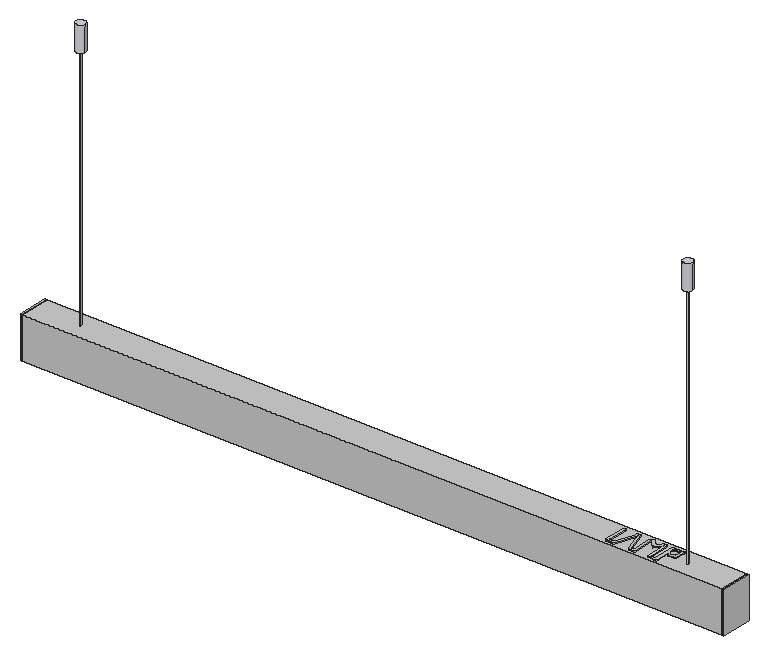
Revit family "LAMP_FIL 50 G2 OPAL SUSPENDED", category Luminarias, Revit 2015
Parameters (values of type "1137MM 3000LM 3000K GREY")
  Ángulo de inclinación = 90.00°
  Weight = 2.114 kg
  Type = "MID POWER TRIDONIC"
  Suspension distance [instance] = if(Suspension > 4000.00 mm, 4000.00 mm, Suspension)  # 400.00 mm
  Protection rating = "IP42, IK07"
  Product datasheet = "https://www.lamp.es/product-files/TECH/F52SF120MOOP830NG-EN.pdf"
  Product code = "F52SF120MOOP830NG"
  Product URL = "https://www.lamp.es/en/family/fil-50_33388"
  Power Supply = "220-240V 50-60Hz"
  Power = 19 W
  Plum = 21.3 W
  NO COVER 2 [instance] = not(END COVER 2)  # no
  NO COVER 1 [instance] = not(END COVER 1)  # no
  Modelo = Product code  # "F52SF120MOOP830NG"
  Model explanation = "Availability of switching between accessories through visibility parameters when placed in a project.\r\nAvailability of switching between accessories through visibility parameters when placed in a project."
  Material codo = LAMP_Aluminio Perfil Fil GR
  Manufacturer name = "LAMP"
  Manufacturer country = "Spain"
  Manufacturer URL = "http://www.lamp.es/en"
  MacAdam = "3"
  Luminaire type = "Indoor - Modular Systems"
  Last update = "07/07/2020"
  LED Lifetime = "50000 L80 B10"
  Insulation class = "I"
  Installation instructions = "https://www.lamp.es/product-files/INS/1003600-G-INSTR.%20ESTRUCTURA%20FIL%2050.pdf"
  IEE = "A++"
  Gear = "Electronic"
  Finish = "Gloss grey"
  Fabricante = Manufacturer name  # "LAMP"
  Efficacy = 89.2 lm/W
  END COVER 2 [instance] = yes
  END COVER 1 [instance] = yes
  Dimensions = "1137x50x67mm"
  Descripción = "FIL 50 G2 OPAL SUS 3000 WW GR."
  Wattage = 21.3 W
  UniClass 2.0 Descripción = ""
  UniClass 2.0 Code = Product code  # "F52SF120MOOP830NG"
  UniClass 1.4 Descripción = ""
  UniClass 1.4 Code = Product code  # "F52SF120MOOP830NG"
  built-in parameter 1150110 = 1 (stored number, unit not read)
  Omniclass Descripción = ""
  OmniClass Code = ""
  Material Difusor = LAMP_PC Difusor Opal Fil
  Material Perfil = LAMP_Aluminio Perfil Fil GR
  Lámpara = "MID-POWER LED"
  Largo = 1137.00 mm
  IFC Clasificación = "Light Fixture"
  built-in parameter 1114217 = 1 (stored number, unit not read)
  built-in parameter 1150109 = 1 (stored number, unit not read)
  Suspension [instance] = 400.00 mm
  Comentarios de tipo = Model explanation  # "Availability of switching between accessories through visibility parameters when placed in a project.\r\nAvailability of switching between accessories through visibility parameters when placed in a project."
  built-in parameter 1150134 = (empty or 0)
  built-in parameter 1150113 = 1 (stored number, unit not read)
  Lumens = 1899.96 lm
  built-in parameter 1150115 = 1 (stored number, unit not read)
  built-in parameter 1150105 = 721.98 (stored number, unit not read)
  built-in parameter 1150137 = (empty or 0)
  built-in parameter 1150139 = (empty or 0)
  built-in parameter 1150112 = 1 (stored number, unit not read)
  built-in parameter 1150114 = 1 (stored number, unit not read)
  built-in parameter 1150132 = 2
  built-in parameter 1150102 = (empty or 0)
  built-in parameter 1150138 = (empty or 0)
  built-in parameter 1150107 = 3000 (stored number, unit not read)
  built-in parameter 1150106 = 7.2198 (stored number, unit not read)
  Emit from Line Length = Largo  # 1137.00 mm
  built-in parameter 1150104 = 8.287 (stored number, unit not read)
  Dimming Lamp Color Temperature Shift = (empty or 0)
  Color Filter = 16777215
  built-in parameter 1114218 = 1 (stored number, unit not read)
  CRI = "80"
  CORNER 2 RIGHT [instance] = and(NO COVER 2, ACC CORNER 2, not(CORNER 2 LEFT))  # no
  CORNER 2 LEFT [instance] = and(NO COVER 2, ACC CORNER 2, CHANGE SIDE CORNER 2)  # no
  CORNER 1 RIGHT [instance] = and(NO COVER 1, ACC CORNER 1, not(CORNER 1 LEFT))  # no
  CORNER 1 LEFT [instance] = and(NO COVER 1, ACC CORNER 1, CHANGE SIDE CORNER 1)  # no
  CHANGE SIDE CORNER 1 [instance] = no
  CHANGE SIDE CORNER 2 [instance] = no
  Archivo de red fotométrica = "14741403.IES"
  ACC CORNER 1 [instance] = no
  ACC CORNER 2 [instance] = no
  built-in parameter 1150133 = 10 (stored number, unit not read)
Types (16, lengths in mm): name | Weight | Product datasheet | Product code | Power | Plum | Modelo | Model explanation | Material codo | Last update | LED Lifetime | Finish | Efficacy | Dimensions | Descripción | Wattage | UniClass 2.0 Code | UniClass 1.4 Code | Material Perfil | Largo | Comentarios de tipo | built-in parameter 1150134 | Lumens | built-in parameter 1150105 | built-in parameter 1150107 | built-in parameter 1150106 | Emit from Line Length | built-in parameter 1150104 | Archivo de red fotométrica
  1137MM 3000LM 3000K WHITE | 2.114 kg | "https://www.lamp.es/product-files/TECH/F52SF120MOOP830NW-EN.pdf" | "F52SF120MOOP830NW" | 19 W | 21.3 W | "F52SF120MOOP830NW" | "Availability of switching between accessories through visibility parameters when placed in a project." | LAMP_Aluminio Perfil Fil BL | "07/07/2020" | "50000 L80 B10" | "Matt white" | 89.2 lm/W | "1137x50x67mm" | "FIL 50 G2 OPAL SUS 3000 WW WH." | 21.3 W | "F52SF120MOOP830NW" | "F52SF120MOOP830NW" | LAMP_Aluminio Perfil Fil BL | 1137.00 | "Availability of switching between accessories through visibility parameters when placed in a project." | (empty or 0) | 1899.96 lm | 721.98 (stored number, unit not read) | 3000 (stored number, unit not read) | 7.2198 (stored number, unit not read) | 1137.00 | 8.287 (stored number, unit not read) | "14741400.IES"
  1137MM 3000LM 3000K GREY | 2.114 kg | "https://www.lamp.es/product-files/TECH/F52SF120MOOP830NG-EN.pdf" | "F52SF120MOOP830NG" | 19 W | 21.3 W | "F52SF120MOOP830NG" | "Availability of switching between accessories through visibility parameters when placed in a project.\r\nAvailability of switching between accessories through visibility parameters when placed in a project." | LAMP_Aluminio Perfil Fil GR | "07/07/2020" | "50000 L80 B10" | "Gloss grey" | 89.2 lm/W | "1137x50x67mm" | "FIL 50 G2 OPAL SUS 3000 WW GR." | 21.3 W | "F52SF120MOOP830NG" | "F52SF120MOOP830NG" | LAMP_Aluminio Perfil Fil GR | 1137.00 | "Availability of switching between accessories through visibility parameters when placed in a project.\r\nAvailability of switching between accessories through visibility parameters when placed in a project." | (empty or 0) | 1899.96 lm | 721.98 (stored number, unit not read) | 3000 (stored number, unit not read) | 7.2198 (stored number, unit not read) | 1137.00 | 8.287 (stored number, unit not read) | "14741403.IES"
  1137MM 3000LM 4000K WHITE | 2.114 kg | "https://www.lamp.es/product-files/TECH/F52SF120MOOP840NW-EN.pdf" | "F52SF120MOOP840NW" | 19 W | 21.3 W | "F52SF120MOOP840NW" | "Availability of switching between accessories through visibility parameters when placed in a project." | LAMP_Aluminio Perfil Fil BL | "07/07/2020" | "50000 L80 B10" | "Matt white" | 94.1 lm/W | "1137x50x67mm" | "FIL 50 G2 OPAL SUS 3000 NW WH." | 21.3 W | "F52SF120MOOP840NW" | "F52SF120MOOP840NW" | LAMP_Aluminio Perfil Fil BL | 1137.00 | "Availability of switching between accessories through visibility parameters when placed in a project." | 12 | 2004.33 lm | 761.71 (stored number, unit not read) | 4000 (stored number, unit not read) | 7.6171 (stored number, unit not read) | 1137.00 | 8.7422 (stored number, unit not read) | "14740400.IES"
  1137MM 3000LM 4000K GREY | 2.114 kg | "https://www.lamp.es/product-files/TECH/F52SF120MOOP840NG-EN.pdf" | "F52SF120MOOP840NG" | 19 W | 21.3 W | "F52SF120MOOP840NG" | "Availability of switching between accessories through visibility parameters when placed in a project." | LAMP_Aluminio Perfil Fil GR | "07/07/2020" | "50000 L80 B10" | "Gloss grey" | 94.1 lm/W | "1137x50x67mm" | "FIL 50 G2 OPAL SUS 3000 NW GR." | 21.3 W | "F52SF120MOOP840NG" | "F52SF120MOOP840NG" | LAMP_Aluminio Perfil Fil GR | 1137.00 | "Availability of switching between accessories through visibility parameters when placed in a project." | 12 | 2004.33 lm | 761.71 (stored number, unit not read) | 4000 (stored number, unit not read) | 7.6171 (stored number, unit not read) | 1137.00 | 8.7422 (stored number, unit not read) | "14740403.IES"
  1137MM 6000LM 3000K WHITE | 2.114 kg | "https://www.lamp.es/product-files/TECH/F52SF120HOOP830NW-EN.pdf" | "F52SF120HOOP830NW" | 37 W | 40.6 W | "F52SF120HOOP830NW" | "Availability of switching between accessories through visibility parameters when placed in a project." | LAMP_Aluminio Perfil Fil BL | "07/07/2020\r\n07/07/2020" | "50000 L70 B10" | "Matt white" | 87.8 lm/W | "1137x50x67mm" | "FIL 50 G2 OPAL SUS 6000 WW WH." | 40.6 W | "F52SF120HOOP830NW" | "F52SF120HOOP830NW" | LAMP_Aluminio Perfil Fil BL | 1137.00 | "Availability of switching between accessories through visibility parameters when placed in a project." | (empty or 0) | 3564.68 lm | 1373.1 (stored number, unit not read) | 3000 (stored number, unit not read) | 13.731 (stored number, unit not read) | 1137.00 | 8.1569 (stored number, unit not read) | "14741420.IES"
  1137MM 6000LM 3000K GREY | 2.114 kg | "https://www.lamp.es/product-files/TECH/F52SF120HOOP830NG-EN.pdf" | "F52SF120HOOP830NG" | 37 W | 40.6 W | "F52SF120HOOP830NG" | "Availability of switching between accessories through visibility parameters when placed in a project." | LAMP_Aluminio Perfil Fil GR | "07/07/2020" | "50000 L70 B10" | "Gloss grey" | 87.8 lm/W | "1137x50x67mm" | "FIL 50 G2 OPAL SUS 6000 WW GR." | 40.6 W | "F52SF120HOOP830NG" | "F52SF120HOOP830NG" | LAMP_Aluminio Perfil Fil GR | 1137.00 | "Availability of switching between accessories through visibility parameters when placed in a project." | (empty or 0) | 3564.68 lm | 1373.1 (stored number, unit not read) | 3000 (stored number, unit not read) | 13.731 (stored number, unit not read) | 1137.00 | 8.1569 (stored number, unit not read) | "14741423.IES"
  1137MM 6000LM 4000K WHITE | 2.114 kg | "https://www.lamp.es/product-files/TECH/F52SF120HOOP840NW-EN.pdf" | "F52SF120HOOP840NW" | 37 W | 40.6 W | "F52SF120HOOP840NW" | "Availability of switching between accessories through visibility parameters when placed in a project." | LAMP_Aluminio Perfil Fil BL | "07/07/2020" | "50000 L70 B10" | "Gloss grey" | 92.6 lm/W | "1137x50x67mm" | "FIL 50 G2 OPAL SUS 6000 NW GR." | 40.6 W | "F52SF120HOOP840NW" | "F52SF120HOOP840NW" | LAMP_Aluminio Perfil Fil BL | 1137.00 | "Availability of switching between accessories through visibility parameters when placed in a project." | 12 | 3759.56 lm | 1448.1 (stored number, unit not read) | 4000 (stored number, unit not read) | 14.481 (stored number, unit not read) | 1137.00 | 8.6028 (stored number, unit not read) | "14740423.IES"
  1137MM 6000LM 4000K GREY | 2.114 kg | "https://www.lamp.es/product-files/TECH/F52SF120HOOP840NG-EN.pdf" | "F52SF120HOOP840NG" | 37 W | 40.6 W | "F52SF120HOOP840NG" | "Availability of switching between accessories through visibility parameters when placed in a project." | LAMP_Aluminio Perfil Fil GR | "07/07/2020" | "50000 L70 B10" | "Matt white" | 92.6 lm/W | "1137x50x67mm" | "FIL 50 G2 OPAL SUS 6000 NW WH." | 40.6 W | "F52SF120HOOP840NG" | "F52SF120HOOP840NG" | LAMP_Aluminio Perfil Fil GR | 1137.00 | "Availability of switching between accessories through visibility parameters when placed in a project." | 12 | 3759.56 lm | 1448.1 (stored number, unit not read) | 4000 (stored number, unit not read) | 14.481 (stored number, unit not read) | 1137.00 | 8.6028 (stored number, unit not read) | "14740420.IES"
  1700MM 4600LM 3000K WHITE | 2.768 kg | "https://www.lamp.es/product-files/TECH/F52SF170MOOP830NW-EN.pdf" | "F52SF170MOOP830NW" | 28 W | 32.2 W | "F52SF170MOOP830NW" | "Availability of switching between accessories through visibility parameters when placed in a project." | LAMP_Aluminio Perfil Fil BL | "07/07/2020" | "50000 L80 B10" | "Matt white" | 88.5 lm/W | "1700x50x67mm" | "FIL 50 G2 OPAL SUS 4600 WW WH." | 32.2 W | "F52SF170MOOP830NW" | "F52SF170MOOP830NW" | LAMP_Aluminio Perfil Fil BL | 1700.00 | "Availability of switching between accessories through visibility parameters when placed in a project." | (empty or 0) | 2849.7 lm | 1082.9 (stored number, unit not read) | 3000 (stored number, unit not read) | 10.829 (stored number, unit not read) | 1700.00 | 8.2219 (stored number, unit not read) | "14741410.IES"
  1700MM 4600LM 3000K GREY | 2.768 kg | "https://www.lamp.es/product-files/TECH/F52SF170MOOP830NG-EN.pdf" | "F52SF170MOOP830NG" | 28 W | 32.2 W | "F52SF170MOOP830NG" | "Availability of switching between accessories through visibility parameters when placed in a project." | LAMP_Aluminio Perfil Fil GR | "07/07/2020" | "50000 L80 B10" | "Gloss grey" | 88.5 lm/W | "1700x50x67mm" | "FIL 50 G2 OPAL SUS 4600 WW GR." | 32.2 W | "F52SF170MOOP830NG" | "F52SF170MOOP830NG" | LAMP_Aluminio Perfil Fil GR | 1700.00 | "Availability of switching between accessories through visibility parameters when placed in a project." | (empty or 0) | 2849.7 lm | 1082.9 (stored number, unit not read) | 3000 (stored number, unit not read) | 10.829 (stored number, unit not read) | 1700.00 | 8.2219 (stored number, unit not read) | "14741413.IES"
  1700MM 4600LM 4000K WHITE | 2.768 kg | "https://www.lamp.es/product-files/TECH/F52SF170MOOP840NW-EN.pdf" | "F52SF170MOOP840NW" | 28 W | 32.2 W | "F52SF170MOOP840NW" | "Availability of switching between accessories through visibility parameters when placed in a project." | LAMP_Aluminio Perfil Fil BL | "07/07/2020" | "50000 L80 B10" | "Matt white" | 93.4 lm/W | "1700x50x67mm" | "FIL 50 G2 OPAL SUS 4600 NW WH." | 32.2 W | "F52SF170MOOP840NW" | "F52SF170MOOP840NW" | LAMP_Aluminio Perfil Fil BL | 1700.00 | "Availability of switching between accessories through visibility parameters when placed in a project." | 12 | 3007.48 lm | 1142.9 (stored number, unit not read) | 4000 (stored number, unit not read) | 11.429 (stored number, unit not read) | 1700.00 | 8.6771 (stored number, unit not read) | "14740410.IES"
  1700MM 4600LM 4000K GREY | 2.768 kg | "https://www.lamp.es/product-files/TECH/F52SF170MOOP840NG-EN.pdf" | "F52SF170MOOP840NG" | 28 W | 32.2 W | "F52SF170MOOP840NG" | "Availability of switching between accessories through visibility parameters when placed in a project." | LAMP_Aluminio Perfil Fil GR | "07/07/2020" | "50000 L80 B10" | "Gloss grey" | 93.4 lm/W | "1700x50x67mm" | "FIL 50 G2 OPAL SUS 4600 NW GR." | 32.2 W | "F52SF170MOOP840NG" | "F52SF170MOOP840NG" | LAMP_Aluminio Perfil Fil GR | 1700.00 | "Availability of switching between accessories through visibility parameters when placed in a project." | 12 | 3007.48 lm | 1142.9 (stored number, unit not read) | 4000 (stored number, unit not read) | 11.429 (stored number, unit not read) | 1700.00 | 8.6771 (stored number, unit not read) | "14740413.IES"
  1700MM 9200LM 3000K WHITE | 2.768 kg | "https://www.lamp.es/product-files/TECH/F52SF170HOOP830NW-EN.pdf" | "F52SF170HOOP830NW" | 55 W | 60.4 W | "F52SF170HOOP830NW" | "Availability of switching between accessories through visibility parameters when placed in a project." | LAMP_Aluminio Perfil Fil BL | "07/07/2020" | "50000 L70 B10" | "Matt white" | 88.6 lm/W | "1700x50x67mm" | "FIL 50 G2 OPAL SUS 9200 WW WH." | 60.4 W | "F52SF170HOOP830NW" | "F52SF170HOOP830NW" | LAMP_Aluminio Perfil Fil BL | 1700.00 | "Availability of switching between accessories through visibility parameters when placed in a project." | (empty or 0) | 5351.44 lm | 2061.3 (stored number, unit not read) | 3000 (stored number, unit not read) | 20.613 (stored number, unit not read) | 1700.00 | 8.2312 (stored number, unit not read) | "14741430.IES"
  1700MM 9200LM 3000K GREY | 2.768 kg | "https://www.lamp.es/product-files/TECH/F52SF170HOOP830NG-EN.pdf" | "F52SF170HOOP830NG" | 55 W | 60.4 W | "F52SF170HOOP830NG" | "Availability of switching between accessories through visibility parameters when placed in a project." | LAMP_Aluminio Perfil Fil GR | "07/07/2020" | "50000 L70 B10" | "Gloss grey" | 88.6 lm/W | "1700x50x67mm" | "FIL 50 G2 OPAL SUS 9200 WW GR." | 60.4 W | "F52SF170HOOP830NG" | "F52SF170HOOP830NG" | LAMP_Aluminio Perfil Fil GR | 1700.00 | "Availability of switching between accessories through visibility parameters when placed in a project." | (empty or 0) | 5351.44 lm | 2061.3 (stored number, unit not read) | 3000 (stored number, unit not read) | 20.613 (stored number, unit not read) | 1700.00 | 8.2312 (stored number, unit not read) | "14741433.IES"
  1700MM 9200LM 4000K WHITE | 2.768 kg | "https://www.lamp.es/product-files/TECH/F52SF170HOOP840NW-EN.pdf" | "F52SF170HOOP840NW" | 55 W | 60.4 W | "F52SF170HOOP840NW" | "Availability of switching between accessories through visibility parameters when placed in a project." | LAMP_Aluminio Perfil Fil BL | "07/07/2020" | "50000 L70 B10" | "Matt white" | 93.4 lm/W | "1700x50x67mm" | "FIL 50 G2 OPAL SUS 9200 NW WH." | 60.4 W | "F52SF170HOOP840NW" | "F52SF170HOOP840NW" | LAMP_Aluminio Perfil Fil BL | 1700.00 | "Availability of switching between accessories through visibility parameters when placed in a project." | 12 | 5641.36 lm | 2173 (stored number, unit not read) | 4000 (stored number, unit not read) | 21.73 (stored number, unit not read) | 1700.00 | 8.6771 (stored number, unit not read) | "14740430.IES"
  1700MM 9200LM 4000K GREY | 2.768 kg | "https://www.lamp.es/product-files/TECH/F52SF170HOOP840NG-EN.pdf" | "F52SF170HOOP840NG" | 55 W | 60.4 W | "F52SF170HOOP840NG" | "Availability of switching between accessories through visibility parameters when placed in a project." | LAMP_Aluminio Perfil Fil GR | "07/07/2020" | "50000 L70 B10" | "Gloss grey" | 93.4 lm/W | "1700x50x67mm" | "FIL 50 G2 OPAL SUS 9200 NW GR." | 60.4 W | "F52SF170HOOP840NG" | "F52SF170HOOP840NG" | LAMP_Aluminio Perfil Fil GR | 1700.00 | "Availability of switching between accessories through visibility parameters when placed in a project." | 12 | 5641.36 lm | 2173 (stored number, unit not read) | 4000 (stored number, unit not read) | 21.73 (stored number, unit not read) | 1700.00 | 8.6771 (stored number, unit not read) | "14740433.IES"
Reference planes
  plane 1 "Eje de origen de luz (F/P)": y = 0
  plane 2 "Techo": z = 2438.4
  plane 3 "Eje de origen de luz (I/D)": x = 0
  plane 4 "Elevación de origen de luz": z = 1931.4
  plane 5 "derecha": x = 1137
  plane 6: z = 2398.4
  plane 7 "Centro origen de luz": x = 568.5
  plane 8: z = 1998.4
Forms (mm)
  Extrusion 1, solid, material "LAMP_Aluminio Perfil Fil GR" <- "Material Perfil"
    sketch origin (0, 0, -99.116) x (0, 1, 0) y (0, 0, 1)
      loop
        line (-25.003, 2097.516) -> (-25.003, 2030.516) -> (24.997, 2030.516) -> (24.997, 2097.516) -> (-25.003, 2097.516)
    from 0 to 1137
  Extrusion 2, void
    sketch origin (0, 0, -99.116) x (0, 1, 0) y (0, 0, 1)
      loop
        line (-25.003, 2030.516) -> (25.003, 2030.516) -> (23.245, 2036.54) -> (-23.244, 2036.54) -> (-25.003, 2030.516)
    from -565 to 1137
  Extrusion 3, solid, material "LAMP_PC Difusor Opal Fil" <- "Material Difusor"
    sketch origin (0, 0, -99.116) x (0, 1, 0) y (0, 0, 1)
      loop
        line (-22.902, 2032.507) -> (-24.052, 2030.516) -> (24.045, 2030.516) -> (22.896, 2032.507) -> (-22.902, 2032.507)
    from 0 to 1137
  Extrusion 4, solid
    sketch origin (0, 0, 0) x (1, 0, 0) y (0, 1, 0)
      loop
        circle (1062, 0) r 7.5
    from 2398.4 to 2438.4
  Extrusion 5, solid
    sketch origin (510, 0, 0) x (1, 0, 0) y (0, 1, 0)
      loop
        circle (552, 0) r 1
    from 1998.4 to 2398.4
  Extrusion 6, solid
    sketch origin (1130, 0, 0) x (-1, 0, 0) y (0, -1, 0)
      loop
        circle (1055, 0) r 7.5
    from 2398.4 to 2438.4
  Extrusion 7, solid
    sketch origin (620, 0, 0) x (-1, 0, 0) y (0, -1, 0)
      loop
        circle (545, 0) r 1
    from 1998.4 to 2398.4
  Extrusion 8, solid, material "LAMP_Aluminio Perfil Fil GR" <- "Material Perfil", visible <- "END COVER 1"
    sketch origin (1137, 0, 0) x (0, 1, 0) y (0, 0, 1)
      loop
        line (-25.003, 1998.4) -> (-25.003, 1931.402) -> (25.003, 1931.402) -> (25.003, 1998.4) -> (-25.003, 1998.4)
    from 0 to 3
  Extrusion 9, solid, material "LAMP_Aluminio Perfil Fil GR" <- "Material Perfil", visible <- "END COVER 2"
    sketch origin (-3, 0, 0) x (0, 1, 0) y (0, 0, 1)
      loop
        line (-25.003, 1998.4) -> (-25.003, 1931.402) -> (25.003, 1931.402) -> (25.003, 1998.4) -> (-25.003, 1998.4)
    from 0 to 3
  Extrusion 10, solid, material "LAMP_Aluminio Perfil Fil GR" <- "Material Perfil"
    sketch origin (0, 0, 1931.4) x (0, -1, 0) y (1, 0, 0)
      loop
        arc (17.745, 943.114) -> (19.023, 943.644) -> (19.553, 944.922) r 1.808
        line (19.553, 944.922) -> (19.553, 955.936)
        arc (19.553, 955.936) -> (19.203, 957.027) -> (18.285, 957.713) r 1.88
        line (18.285, 957.713) -> (-13.727, 968.728) -> (18.109, 979.682)
        arc (18.109, 979.682) -> (18.972, 980.325) -> (19.3, 981.35) r 1.764
        line (19.3, 981.35) -> (19.3, 989.283)
        arc (19.3, 989.283) -> (18.782, 990.533) -> (17.532, 991.05) r 1.768
        line (17.532, 991.05) -> (-13.928, 991.05) -> (-3.969, 1001.01) -> (-13.928, 1010.97) -> (17.836, 1010.97)
        arc (17.836, 1010.97) -> (19.05, 1011.472) -> (19.553, 1012.686) r 1.717
        line (19.553, 1012.686) -> (19.553, 1025.003)
        arc (19.553, 1025.003) -> (19.009, 1026.317) -> (17.695, 1026.861) r 1.858
        line (17.695, 1026.861) -> (-12.387, 1026.861)
        arc (-12.387, 1026.861) -> (-13.657, 1027.387) -> (-14.183, 1028.657) r 1.796
        line (-14.183, 1028.657) -> (-14.183, 1037.011)
        arc (-14.183, 1037.011) -> (-13.642, 1038.319) -> (-12.334, 1038.861) r 1.849
        line (-12.334, 1038.861) -> (-6.021, 1038.861)
        arc (-6.021, 1038.861) -> (-4.721, 1038.323) -> (-4.183, 1037.023) r 1.838
        line (-4.183, 1037.023) -> (-4.183, 1029.33)
        arc (-4.183, 1029.33) -> (-2.183, 1027.33) -> (-0.183, 1029.33) r 2
        line (-0.183, 1029.33) -> (-0.183, 1041.068)
        arc (-0.183, 1041.068) -> (-0.708, 1042.336) -> (-1.976, 1042.861) r 1.793
        line (-1.976, 1042.861) -> (-16.301, 1042.861)
        arc (-16.301, 1042.861) -> (-17.632, 1042.31) -> (-18.183, 1040.979) r 1.882
        line (-18.183, 1040.979) -> (-18.183, 1024.719)
        arc (-18.183, 1024.719) -> (-17.639, 1023.405) -> (-16.325, 1022.861) r 1.858
        line (-16.325, 1022.861) -> (13.746, 1022.861)
        arc (13.746, 1022.861) -> (15.06, 1022.316) -> (15.604, 1021.002) r 1.859
        line (15.604, 1021.002) -> (15.604, 1016.888)
        arc (15.604, 1016.888) -> (15.063, 1015.581) -> (13.756, 1015.039) r 1.849
        line (13.756, 1015.039) -> (-14.501, 1015.039)
        arc (-14.501, 1015.039) -> (-18.533, 1012.138) -> (-17.064, 1007.392) r 4.253
        line (-17.064, 1007.392) -> (-10.682, 1001.01) -> (-17.064, 994.628)
        arc (-17.064, 994.628) -> (-18.533, 989.882) -> (-14.501, 986.981) r 4.253
        line (-14.501, 986.981) -> (13.304, 986.981)
        arc (13.304, 986.981) -> (15.567, 985.064) -> (14.05, 982.516) r 2.295
        line (14.05, 982.516) -> (-15.627, 972.309)
        arc (-15.627, 972.309) -> (-18.183, 968.728) -> (-15.627, 965.146) r 3.788
        line (-15.627, 965.146) -> (14.346, 954.838)
        arc (14.346, 954.838) -> (15.258, 954.158) -> (15.604, 953.075) r 1.864
        line (15.604, 953.075) -> (15.604, 948.891)
        arc (15.604, 948.891) -> (15.084, 947.635) -> (13.827, 947.114) r 1.777
        line (13.827, 947.114) -> (-16.396, 947.114)
        arc (-16.396, 947.114) -> (-18.396, 945.114) -> (-16.396, 943.114) r 2
        line (-16.396, 943.114) -> (17.745, 943.114)
    from 68 to 67
Cuts and joins
  Extrusion 2 cuts Extrusion 1
Text (mm)
  text "Any modification of the parameters and properties of the LAMP BIM models must be executed and validated by the LAMP technical department.\n\nPhone: +34 93 736 68 00\n\nE-mail: lamp@lamp.es\n\n\n\nLAMP reserves the right to modify the technical specifications of its products." at (1603.644, -445.991, 1196.48), in view "Preview"
Dimensions and locks
  equal spacing: host sketch curve, plane 3 "Eje de origen de luz (I/D)", host sketch curve
  equal spacing: host sketch curve, plane 1 "Eje de origen de luz (F/P)", host sketch curve
  host sketch curve to host sketch curve = 3048.00 mm  (x2)
  "Largo": plane 3 "Eje de origen de luz (I/D)" to plane 5 "derecha"
  locked: cut or joined group of Extrusion 1, Extrusion 2 to cut or joined group of Extrusion 1, Extrusion 2 at 67
  locked: Extrusion 3 sketch curve to imposter light at 1.991
  locked: cut or joined group of Extrusion 1, Extrusion 2 to Extrusion 2 sketch curve at 6.024
  locked: plane 2 "Techo" to plane 6 at 40
  equal spacing: plane 3 "Eje de origen de luz (I/D)", plane 7 "Centro origen de luz", plane 5 "derecha"
  "Suspension distance": plane 6 to plane 8
  locked: plane 8 to plane 4 "Elevación de origen de luz" at 67
  aligned and locked: plane 1 "Eje de origen de luz (F/P)" to imposter light
  aligned and locked: plane 4 "Elevación de origen de luz" to imposter light
  aligned and locked: plane 5 "derecha" to Extrusion 1
  aligned and locked: plane 4 "Elevación de origen de luz" to cut or joined group of Extrusion 1, Extrusion 2
  aligned and locked: plane 4 "Elevación de origen de luz" to Extrusion 3
  aligned and locked: plane 4 "Elevación de origen de luz" to Extrusion 2
  aligned and locked: plane 2 "Techo" to Extrusion 4
  aligned and locked: Extrusion 4 to plane 6
  aligned and locked: Extrusion 5 to cut or joined group of Extrusion 1, Extrusion 2
  aligned and locked: plane 6 to Extrusion 5
  aligned and locked: plane 5 "derecha" to Extrusion 3
  aligned and locked: plane 5 "derecha" to Extrusion 2
  aligned and locked: Extrusion 3 to plane 3 "Eje de origen de luz (I/D)"
  aligned and locked: cut or joined group of Extrusion 1, Extrusion 2 to plane 3 "Eje de origen de luz (I/D)"
  aligned and locked: plane 2 "Techo" to Extrusion 6
  aligned and locked: Extrusion 6 to plane 6
  aligned and locked: plane 6 to Extrusion 7
  aligned and locked: Extrusion 7 to cut or joined group of Extrusion 1, Extrusion 2
  aligned and locked: plane 8 to cut or joined group of Extrusion 1, Extrusion 2
  aligned and locked: plane 8 to Extrusion 9
  aligned and locked: plane 8 to Extrusion 8
  aligned and locked: plane 5 "derecha" to nested 1
  aligned and locked: plane 8 to nested 1
  aligned and locked: plane 8 to nested 2
  aligned and locked: nested 3 to plane 8
  aligned and locked: nested 4 to plane 8
  aligned and locked: nested 2 to plane 5 "derecha"
  aligned and locked: imposter light to plane 7 "Centro origen de luz"
  aligned and locked: Extrusion 10 to cut or joined group of Extrusion 1, Extrusion 2
Automatic sketch dimensions
  plane 4 "Elevación de origen de luz" to Extrusion 1 sketch curve = 0.00 mm
  Extrusion 1 sketch curve to plane 8 = 0.00 mm
  plane 1 "Eje de origen de luz (F/P)" to Extrusion 1 sketch curve = 25.003 mm
  Extrusion 1 sketch curve to plane 1 "Eje de origen de luz (F/P)" = 24.997 mm
  plane 4 "Elevación de origen de luz" to Extrusion 2 sketch curve = 0.00 mm
  plane 1 "Eje de origen de luz (F/P)" to Extrusion 2 sketch curve = 25.003 mm
  Extrusion 2 sketch curve to Extrusion 2 sketch curve = 1.759 mm  (x2)
  Extrusion 2 sketch curve to plane 1 "Eje de origen de luz (F/P)" = 23.245 mm
  plane 4 "Elevación de origen de luz" to Extrusion 3 sketch curve = 0.00 mm
  plane 1 "Eje de origen de luz (F/P)" to Extrusion 3 sketch curve = 24.052 mm
  Extrusion 3 sketch curve to Extrusion 3 sketch curve = 1.149 mm  (x2)
  Extrusion 3 sketch curve to plane 1 "Eje de origen de luz (F/P)" = 22.896 mm
  plane 1 "Eje de origen de luz (F/P)" to Extrusion 4 sketch curve = 0.00 mm
  Extrusion 4 sketch curve to plane 5 "derecha" = 75.00 mm
  plane 1 "Eje de origen de luz (F/P)" to Extrusion 5 sketch curve = 0.00 mm
  Extrusion 5 sketch curve to plane 5 "derecha" = 75.00 mm
  plane 1 "Eje de origen de luz (F/P)" to Extrusion 6 sketch curve = 0.00 mm
  Extrusion 6 sketch curve to plane 3 "Eje de origen de luz (I/D)" = 75.00 mm
  plane 1 "Eje de origen de luz (F/P)" to Extrusion 7 sketch curve = 0.00 mm
  Extrusion 7 sketch curve to plane 3 "Eje de origen de luz (I/D)" = 75.00 mm
  Extrusion 8 sketch curve to plane 8 = 0.00 mm
  Extrusion 8 sketch curve to plane 4 "Elevación de origen de luz" = 0.002 mm
  plane 1 "Eje de origen de luz (F/P)" to Extrusion 8 sketch curve = 25.003 mm
  Extrusion 8 sketch curve to plane 1 "Eje de origen de luz (F/P)" = 25.003 mm
  Extrusion 9 sketch curve to plane 8 = 0.00 mm
  Extrusion 9 sketch curve to plane 4 "Elevación de origen de luz" = 0.002 mm
  plane 1 "Eje de origen de luz (F/P)" to Extrusion 9 sketch curve = 25.003 mm
  Extrusion 9 sketch curve to plane 1 "Eje de origen de luz (F/P)" = 25.003 mm
  Extrusion 10 sketch curve to plane 1 "Eje de origen de luz (F/P)" = 18.183 mm
  Extrusion 10 sketch curve to plane 1 "Eje de origen de luz (F/P)" = 17.064 mm
  Extrusion 10 sketch curve to Extrusion 10 sketch curve = 0.00 mm  (x4)
  Extrusion 10 sketch curve to plane 1 "Eje de origen de luz (F/P)" = 16.396 mm
  Extrusion 10 sketch curve to Extrusion 10 sketch curve = 1.858 mm  (x2)
  Extrusion 10 sketch curve to Extrusion 10 sketch curve = 1.882 mm
  Extrusion 10 sketch curve to plane 1 "Eje de origen de luz (F/P)" = 15.627 mm
  Extrusion 10 sketch curve to Extrusion 10 sketch curve = 1.824 mm
  Extrusion 10 sketch curve to Extrusion 10 sketch curve = 2.563 mm
  Extrusion 10 sketch curve to Extrusion 10 sketch curve = 1.232 mm
  Extrusion 10 sketch curve to Extrusion 10 sketch curve = 2.118 mm  (x2)
  Extrusion 10 sketch curve to Extrusion 10 sketch curve = 0.572 mm  (x2)
  Extrusion 10 sketch curve to Extrusion 10 sketch curve = 0.669 mm
  Extrusion 10 sketch curve to Extrusion 10 sketch curve = 1.796 mm
  Extrusion 10 sketch curve to Extrusion 10 sketch curve = 1.849 mm  (x2)
  Extrusion 10 sketch curve to Extrusion 10 sketch curve = 6.382 mm  (x2)
  Extrusion 10 sketch curve to plane 1 "Eje de origen de luz (F/P)" = 6.021 mm
  Extrusion 10 sketch curve to plane 1 "Eje de origen de luz (F/P)" = 4.183 mm
  Extrusion 10 sketch curve to plane 1 "Eje de origen de luz (F/P)" = 3.969 mm
  Extrusion 10 sketch curve to Extrusion 10 sketch curve = 2.00 mm  (x2)
  Extrusion 10 sketch curve to Extrusion 10 sketch curve = 1.793 mm
  plane 1 "Eje de origen de luz (F/P)" to Extrusion 10 sketch curve = 13.304 mm
  plane 1 "Eje de origen de luz (F/P)" to Extrusion 10 sketch curve = 13.74 mm
  plane 1 "Eje de origen de luz (F/P)" to Extrusion 10 sketch curve = 13.746 mm
  Extrusion 10 sketch curve to Extrusion 10 sketch curve = 0.01 mm
  Extrusion 10 sketch curve to Extrusion 10 sketch curve = 0.087 mm
  Extrusion 10 sketch curve to Extrusion 10 sketch curve = 0.746 mm
  Extrusion 10 sketch curve to Extrusion 10 sketch curve = 0.606 mm
  Extrusion 10 sketch curve to Extrusion 10 sketch curve = 1.777 mm
  Extrusion 10 sketch curve to Extrusion 10 sketch curve = 4.228 mm
  Extrusion 10 sketch curve to Extrusion 10 sketch curve = 3.485 mm
  Extrusion 10 sketch curve to Extrusion 10 sketch curve = 3.327 mm
  Extrusion 10 sketch curve to Extrusion 10 sketch curve = 3.949 mm
  Extrusion 10 sketch curve to Extrusion 10 sketch curve = 3.917 mm
  Extrusion 10 sketch curve to Extrusion 10 sketch curve = 4.08 mm
  Extrusion 10 sketch curve to Extrusion 10 sketch curve = 0.574 mm
  Extrusion 10 sketch curve to Extrusion 10 sketch curve = 0.612 mm
  Extrusion 10 sketch curve to Extrusion 10 sketch curve = 1.764 mm
  Extrusion 10 sketch curve to Extrusion 10 sketch curve = 1.88 mm
  Extrusion 10 sketch curve to plane 5 "derecha" = 193.886 mm
  Extrusion 10 sketch curve to Extrusion 10 sketch curve = 4.184 mm
  Extrusion 10 sketch curve to Extrusion 10 sketch curve = 2.861 mm
  Extrusion 10 sketch curve to Extrusion 10 sketch curve = 18.032 mm
  Extrusion 10 sketch curve to Extrusion 10 sketch curve = 3.582 mm
  Extrusion 10 sketch curve to Extrusion 10 sketch curve = 21.969 mm
  Extrusion 10 sketch curve to Extrusion 10 sketch curve = 1.166 mm
  Extrusion 10 sketch curve to Extrusion 10 sketch curve = 2.17 mm
  Extrusion 10 sketch curve to Extrusion 10 sketch curve = 2.302 mm
  Extrusion 10 sketch curve to Extrusion 10 sketch curve = 0.184 mm  (x2)
  Extrusion 10 sketch curve to Extrusion 10 sketch curve = 4.114 mm
  Extrusion 10 sketch curve to Extrusion 10 sketch curve = 2.142 mm
  Extrusion 10 sketch curve to Extrusion 10 sketch curve = 0.673 mm
  Extrusion 10 sketch curve to Extrusion 10 sketch curve = 8.355 mm
  radius of Extrusion 4 sketch curve = 7.50 mm
  radius of Extrusion 5 sketch curve = 1.00 mm
  radius of Extrusion 6 sketch curve = 7.50 mm
  radius of Extrusion 7 sketch curve = 1.00 mm
Nested families
  nested 1: "LAMP_FIL ACC 90º WALL CORNER SUSPENDED" at (1137, -55.003, 1931.4), Material codo <- "Material codo", visible <- "CORNER 1 RIGHT", type "GREY"
    with Material codo LAMP_Aluminio Perfil Fil GR
  nested 2: "LAMP_FIL ACC 90º WALL CORNER SUSPENDED" at (1137, 55.003, 1931.4) x (0, -1, 0) z (0, 0, 1), Material codo <- "Material codo", visible <- "CORNER 1 LEFT", type "GREY"
    with Material codo LAMP_Aluminio Perfil Fil GR
  nested 3: "LAMP_FIL ACC 90º WALL CORNER SUSPENDED" at (0, -55.003, 1931.4) x (-1, 0, 0) z (0, 0, 1), Material codo <- "Material codo", visible <- "CORNER 2 RIGHT", type "GREY"
    with Material codo LAMP_Aluminio Perfil Fil GR
  nested 4: "LAMP_FIL ACC 90º WALL CORNER SUSPENDED" at (0, 55.003, 1931.4) x (0, -1, 0) z (0, 0, 1), Material codo <- "Material codo", visible <- "CORNER 2 LEFT", type "GREY"
    with Material codo LAMP_Aluminio Perfil Fil GR
Connectors
  electrical at (11.075, -0.091, 1998.4)
    settings: on Extrusion 1, index 2, voltage 240 V, apparent load 0 VA, apparent load phase1 0 VA, apparent load phase2 0 VA, apparent load phase3 0 VA, power factor 1, load classification "Iluminación", number of poles 1, system type 31, power factor state 1, is connector primary yes, connector utility no, sub classification motor no, connector description ""
Definition of nested family "LAMP_FIL ACC 90º WALL CORNER SUSPENDED"
  Parameters (values of type "GREY")
    Material codo [instance] = none
  Types (3): name
    (no name)
    WHITE
    GREY
  Reference planes
    plane 1 "Centro (Frontal/Posterior)": y = 0
    plane 2: z = 0
    plane 3 "Centro (Izquierda/Derecha)": x = 0
  Forms (mm)
    Sweep 1, solid, material <- "Material codo"
      path origin (0, 0, 0) x (1, 0, 0) y (0, 1, 0)
        loop
          line (0, 80) -> (80, 80) -> (80, 0)
      profile origin (40, 80, 0) x (0, 1, 0) y (0, 0, 1)
        loop
          line (0, 0) -> (0, 67) -> (-50, 67) -> (-50, 0) -> (0, 0)
  Dimensions and locks
    aligned and locked: level to plane 2
